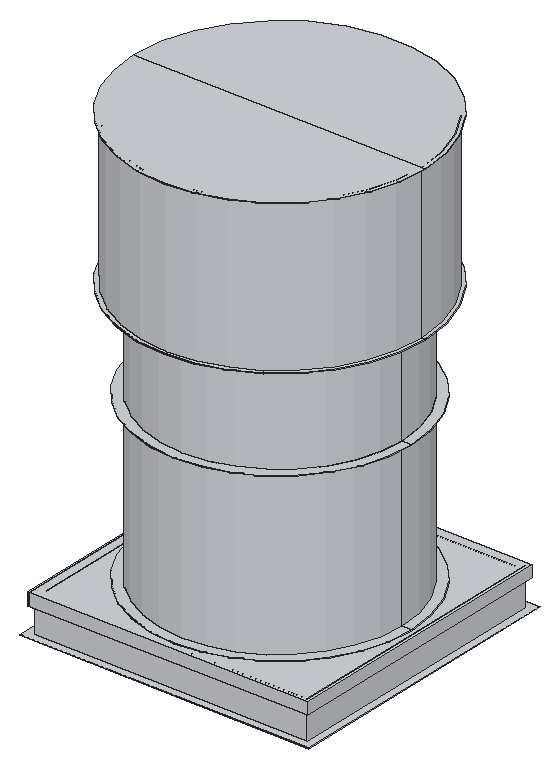
Revit family "AFDV-C_Roof_Exhauster", category Mechanical Equipment, Revit 2019
Family settings
  Round Connector Dimension = Use Diameter
  Part Type = Normal
  Work Plane-Based = No
  Always vertical = Yes
  Cut with Voids When Loaded = No
  Shared = No
  Room Calculation Point = No
Parameters (values of type "60_AFDV-C_ROOF_EXHAUSTER")
  VANE = 2' - 1"
  Unit Weight [instance] = ""
  UP_A_PLUS_VANE = UP_A + VANE  # 9' - 0 1/2"
  UP_A-E-3" = UP_A - E - 0' 3"  # 3' - 2 1/2"
  UP_A = 6' - 11 1/2"
  T_SQ = 5' - 10 1/4"
  RO/2 = RO / 2  # 2' - 8 7/8"
  RO = T_SQ - 0' 4 1/2"  # 5' - 5 3/4"
  ModelID [instance] = ""
  L/2 = L / 2  # 2' - 0 17/32"
  L = 4' - 1 1/16"
  K/2 = K / 2  # 0' - 0 7/32"
  K = 0' - 0 7/16"
  J/2 = J / 2  # 2' - 10 11/16"
  CURB_HEIGHT [instance] = 0' - 9 1/2"
  CURB [instance] = yes
  B/2*1.1 = B / 2 * 1.1  # 3' - 0.7125"
  Accessories [instance] = ""
  45 = 45.00°  # constant formula
  (T_SQ+.125")/2 = (T_SQ + 0' 0 1/4") / 2  # 2' - 11 1/4"
  (L-1")/2 = (L - 0' 1") / 2  # 2' - 0 1/32"
  (J+(J-A))/2 = (J + ((J - A) / 2)) / 2  # 3' - 0 11/16"
  J = 5' - 9 3/8"
  CENTER = 0' - 0"  # constant formula
  H-(A/2) = H - (A / 2)  # 2' - 0 1/16"
  H+J = H + CENTER  # 4' - 6 3/4"
  H = 4' - 6 3/4"
  Sones [instance] = ""
  Motor RPM [instance] = ""
  Motor Enclosure [instance] = ""
  LwA [instance] = ""
  G = 12' - 0"
  Fan RPM [instance] = ""
  F/2 = F / 2  # 0' - 1 1/2"
  F = 0' - 3"
  E/2 = E / 2  # 1' - 9"
  E-2" = E - 0' 2"  # 3' - 4"
  E = 3' - 6"
  C/2+J = C / 2 + CENTER  # 2' - 7 13/16"
  C/2 = C / 2  # 2' - 7 13/16"
  C = 5' - 3 5/8"
  B/2 = B / 2  # 2' - 9 3/8"
  B = 5' - 6 3/4"
  A/3 = A / 2.5  # 2' - 0.55"
  A/2 = A / 2  # 2' - 6 11/16"
  A = 5' - 1 3/8"
  60 = 60.00°  # constant formula
  30 = 30.00°  # constant formula
  3" = 0' - 3"  # constant formula
  Brake Hp [instance] = ""
  4" = 0' - 4"  # constant formula
  2' = 2' - 0"
  2" = 0' - 2"  # constant formula
  1" = 0' - 1"  # constant formula
  0 = 0' - 0"  # constant formula
  Voltage [instance] = 0 V
  URL = "www.lorencook.com"
  Type Comments = "Tube Axial Fan Roof Exhauster Direct Drive Arrangement 4"  # constant formula
  Static Pressure [instance] = 0.00 in-wg
  Power [instance] = Voltage * Motor FLA * sqrt(if(Phase = 3, 3, 1))  # 0 VA
  Phase [instance] = 0
  Number of Poles [instance] = 1
  Motor Hp [instance] = "0"
  Motor FLA [instance] = 0 A
  Model = "AFDV-C"  # constant formula
  Manufacturer = "Loren Cook Company"
  CFM [instance] = 0 CFM
  1.5 = 0' - 1 1/2"  # constant formula
  ONE EIGTH = 0' - 0 1/8"  # constant formula
  -E/2 = -E / 2  # -1' - 9"
  -(E-.25")/2 = -(E - 0' 0 1/4") / 2  # -1' - 8 7/8"
  (K/2)-((J-A-.25")/2) = (K / 2) - ((J - A - 0' 0 1/4") / 2)  # -0' - 3 21/32"
  (J-A-.25") = (J - A - 0' 0 1/4")  # 0' - 7 3/4"
  (H-(A/2))/2 = (H - (A / 2)) / 2  # 1' - 0 1/32"
  (E-.25")/2 = (E - 0' 0 1/4") / 2  # 1' - 8 7/8"
  (A+.25")/2 = (A + 0' 0 1/4") / 2  # 2' - 6 13/16"
Types (12): name | VANE | UP_A_PLUS_VANE | UP_A-E-3" | UP_A | T_SQ | RO/2 | RO | L/2 | L | K/2 | K | J/2 | B/2*1.1 | (T_SQ+.125")/2 | (L-1")/2 | (J+(J-A))/2 | J | H-(A/2) | H+J | H | G | F/2 | F | E/2 | E-2" | E | C/2+J | C/2 | C | B/2 | B | A/3 | A/2 | A | -E/2 | -(E-.25")/2 | (K/2)-((J-A-.25")/2) | (J-A-.25") | (H-(A/2))/2 | (E-.25")/2 | (A+.25")/2
  (no name) | 2' - 1" | 9' - 0 1/2" | 3' - 2 1/2" | 6' - 11 1/2" | 5' - 10 1/4" | 2' - 8 7/8" | 5' - 5 3/4" | 2' - 0 17/32" | 4' - 1 1/16" | 0' - 0 7/32" | 0' - 0 7/16" | 2' - 10 11/16" | 3' - 0.7125" | 2' - 11 1/4" | 2' - 0 1/32" | 3' - 0 11/16" | 5' - 9 3/8" | 2' - 0 1/16" | 4' - 6 3/4" | 4' - 6 3/4" | 12' - 0" | 0' - 1 1/2" | 0' - 3" | 1' - 9" | 3' - 4" | 3' - 6" | 2' - 7 13/16" | 2' - 7 13/16" | 5' - 3 5/8" | 2' - 9 3/8" | 5' - 6 3/4" | 2' - 0.55" | 2' - 6 11/16" | 5' - 1 3/8" | -1' - 9" | -1' - 8 7/8" | -0' - 3 21/32" | 0' - 7 3/4" | 1' - 0 1/32" | 1' - 8 7/8" | 2' - 6 13/16"
  12_AFDV-C_ROOF_EXHAUSTER | 0' - 6" | 3' - 6" | 0' - 11" | 3' - 0" | 1' - 10" | 0' - 8 3/4" | 1' - 5 1/2" | 0' - 6 3/8" | 1' - 0 3/4" | 0' - 0 3/16" | 0' - 0 3/8" | 0' - 9 1/32" | 0' - 8 19/32" | 0' - 11 1/8" | 0' - 5 7/8" | 0' - 10 21/64" | 1' - 6 1/16" | 1' - 6 3/16" | 2' - 0 5/8" | 2' - 0 5/8" | 6' - 0" | 0' - 0 5/32" | 0' - 0 5/16" | 0' - 11" | 1' - 8" | 1' - 10" | 0' - 7 5/16" | 0' - 7 5/16" | 1' - 2 5/8" | 0' - 7 13/16" | 1' - 3 5/8" | 0' - 5.15" | 0' - 6 7/16" | 1' - 0 7/8" | -0' - 11" | -0' - 10 7/8" | -0' - 2 9/32" | 0' - 4 15/16" | 0' - 9 3/32" | 0' - 10 7/8" | 0' - 6 9/16"
  16_AFDV-C_ROOF_EXHAUSTER | 0' - 10" | 4' - 1" | 0' - 11" | 3' - 3" | 2' - 2" | 0' - 10 3/4" | 1' - 9 1/2" | 0' - 7 13/16" | 1' - 3 5/8" | 0' - 0 3/16" | 0' - 0 3/8" | 0' - 11 1/32" | 0' - 10.79375" | 1' - 1 1/8" | 0' - 7 5/16" | 1' - 0 21/64" | 1' - 10 1/16" | 1' - 9 11/16" | 2' - 6 1/8" | 2' - 6 1/8" | 6' - 0" | 0' - 0 5/32" | 0' - 0 5/16" | 1' - 0 1/2" | 1' - 11" | 2' - 1" | 0' - 9 5/16" | 0' - 9 5/16" | 1' - 6 5/8" | 0' - 9 13/16" | 1' - 7 5/8" | 0' - 6 3/4" | 0' - 8 7/16" | 1' - 4 7/8" | -1' - 0 1/2" | -1' - 0 3/8" | -0' - 2 9/32" | 0' - 4 15/16" | 0' - 10 27/32" | 1' - 0 3/8" | 0' - 8 9/16"
  18_AFDV-C_ROOF_EXHAUSTER | 0' - 11" | 4' - 10" | 1' - 7" | 3' - 11" | 2' - 4" | 0' - 11 3/4" | 1' - 11 1/2" | 0' - 8 1/2" | 1' - 5" | 0' - 0 3/16" | 0' - 0 3/8" | 1' - 0 1/32" | 0' - 11.89375" | 1' - 2 1/8" | 0' - 8" | 1' - 1 21/64" | 2' - 0 1/16" | 1' - 9 11/16" | 2' - 7 1/8" | 2' - 7 1/8" | 6' - 0" | 0' - 0 5/32" | 0' - 0 5/16" | 1' - 0 1/2" | 1' - 11" | 2' - 1" | 0' - 10 5/16" | 0' - 10 5/16" | 1' - 8 5/8" | 0' - 10 13/16" | 1' - 9 5/8" | 0' - 7.55" | 0' - 9 7/16" | 1' - 6 7/8" | -1' - 0 1/2" | -1' - 0 3/8" | -0' - 2 9/32" | 0' - 4 15/16" | 0' - 10 27/32" | 1' - 0 3/8" | 0' - 9 9/16"
  24_AFDV-C_ROOF_EXHAUSTER | 1' - 1" | 5' - 7" | 1' - 8" | 4' - 6" | 3' - 0" | 1' - 3 3/4" | 2' - 7 1/2" | 0' - 10 7/8" | 1' - 9 3/4" | 0' - 0 3/16" | 0' - 0 3/8" | 1' - 3 13/32" | 1' - 4.01875" | 1' - 6 1/8" | 0' - 10 3/8" | 1' - 4 57/64" | 2' - 6 13/16" | 2' - 3 7/16" | 3' - 3 7/8" | 3' - 3 7/8" | 6' - 0" | 0' - 0 7/32" | 0' - 0 7/16" | 1' - 3 1/2" | 2' - 5" | 2' - 7" | 1' - 1 7/16" | 1' - 1 7/16" | 2' - 2 7/8" | 1' - 2 9/16" | 2' - 5 1/8" | 0' - 9.95" | 1' - 0 7/16" | 2' - 0 7/8" | -1' - 3 1/2" | -1' - 3 3/8" | -0' - 2 21/32" | 0' - 5 11/16" | 1' - 1 23/32" | 1' - 3 3/8" | 1' - 0 9/16"
  28_AFDV-C_ROOF_EXHAUSTER | 1' - 1" | 5' - 7" | 1' - 8" | 4' - 6" | 3' - 6" | 1' - 6 3/4" | 3' - 1 1/2" | 1' - 0 5/16" | 2' - 0 5/8" | 0' - 0 3/16" | 0' - 0 3/8" | 1' - 5 13/32" | 1' - 6 7/32" | 1' - 9 1/8" | 0' - 11 13/16" | 1' - 6 57/64" | 2' - 10 13/16" | 2' - 3 7/16" | 3' - 5 7/8" | 3' - 5 7/8" | 6' - 0" | 0' - 0 7/32" | 0' - 0 7/16" | 1' - 3 1/2" | 2' - 5" | 2' - 7" | 1' - 3 7/16" | 1' - 3 7/16" | 2' - 6 7/8" | 1' - 4 9/16" | 2' - 9 1/8" | 0' - 11.55" | 1' - 2 7/16" | 2' - 4 7/8" | -1' - 3 1/2" | -1' - 3 3/8" | -0' - 2 21/32" | 0' - 5 11/16" | 1' - 1 23/32" | 1' - 3 3/8" | 1' - 2 9/16"
  32_AFDV-C_ROOF_EXHAUSTER | 1' - 3" | 6' - 6" | 2' - 2" | 5' - 3" | 3' - 6" | 1' - 6 3/4" | 3' - 1 1/2" | 1' - 2 1/8" | 2' - 4 1/4" | 0' - 0 7/32" | 0' - 0 7/16" | 1' - 7 31/32" | 1' - 8.4875" | 1' - 9 1/8" | 1' - 1 5/8" | 1' - 9 45/64" | 3' - 3 15/16" | 2' - 4 3/4" | 3' - 9 1/4" | 3' - 9 1/4" | 6' - 0" | 0' - 0 7/32" | 0' - 0 7/16" | 1' - 5" | 2' - 8" | 2' - 10" | 1' - 5 1/2" | 1' - 5 1/2" | 2' - 11" | 1' - 6 5/8" | 3' - 1 1/4" | 1' - 1.2" | 1' - 4 1/2" | 2' - 9" | -1' - 5" | -1' - 4 7/8" | -0' - 3 1/8" | 0' - 6 11/16" | 1' - 2 3/8" | 1' - 4 7/8" | 1' - 4 5/8"
  36_AFDV-C_ROOF_EXHAUSTER | 1' - 4" | 6' - 7" | 2' - 2" | 5' - 3" | 4' - 0" | 1' - 9 3/4" | 3' - 7 1/2" | 1' - 3 17/32" | 2' - 7 1/16" | 0' - 0 7/32" | 0' - 0 7/16" | 1' - 9 31/32" | 1' - 10.75625" | 2' - 0 1/8" | 1' - 3 1/32" | 1' - 11 45/64" | 3' - 7 15/16" | 2' - 4 3/4" | 3' - 11 1/4" | 3' - 11 1/4" | 6' - 0" | 0' - 0 7/32" | 0' - 0 7/16" | 1' - 5" | 2' - 8" | 2' - 10" | 1' - 7 1/2" | 1' - 7 1/2" | 3' - 3" | 1' - 8 11/16" | 3' - 5 3/8" | 1' - 2.8" | 1' - 6 1/2" | 3' - 1" | -1' - 5" | -1' - 4 7/8" | -0' - 3 1/8" | 0' - 6 11/16" | 1' - 2 3/8" | 1' - 4 7/8" | 1' - 6 5/8"
  44_AFDV-C_ROOF_EXHAUSTER | 1' - 7" | 8' - 6" | 3' - 2" | 6' - 11" | 4' - 6" | 2' - 0 3/4" | 4' - 1 1/2" | 1' - 6 3/8" | 3' - 0 3/4" | 0' - 0 7/32" | 0' - 0 7/16" | 2' - 2" | 2' - 3 5/32" | 2' - 3 1/8" | 1' - 5 7/8" | 2' - 3 3/4" | 4' - 4" | 3' - 0 1/4" | 4' - 10 3/4" | 4' - 10 3/4" | 12' - 0" | 0' - 0 7/32" | 0' - 0 7/16" | 1' - 9" | 3' - 4" | 3' - 6" | 1' - 11 3/4" | 1' - 11 3/4" | 3' - 11 1/2" | 2' - 0 11/16" | 4' - 1 3/8" | 1' - 6" | 1' - 10 1/2" | 3' - 9" | -1' - 9" | -1' - 8 7/8" | -0' - 3 5/32" | 0' - 6 3/4" | 1' - 6 1/8" | 1' - 8 7/8" | 1' - 10 5/8"
  48_AFDV-C_ROOF_EXHAUSTER | 1' - 10" | 8' - 9 1/2" | 3' - 2 1/2" | 6' - 11 1/2" | 4' - 10 1/4" | 2' - 2 7/8" | 4' - 5 3/4" | 1' - 8 3/16" | 3' - 4 3/8" | 0' - 0 7/32" | 0' - 0 7/16" | 2' - 4 9/16" | 2' - 5.425" | 2' - 5 1/4" | 1' - 7 11/16" | 2' - 6 9/16" | 4' - 9 1/8" | 3' - 0 3/16" | 5' - 0 3/4" | 5' - 0 3/4" | 12' - 0" | 0' - 0 7/32" | 0' - 0 7/16" | 1' - 9" | 3' - 4" | 3' - 6" | 2' - 1 13/16" | 2' - 1 13/16" | 4' - 3 5/8" | 2' - 2 3/4" | 4' - 5 1/2" | 1' - 7.65" | 2' - 0 9/16" | 4' - 1 1/8" | -1' - 9" | -1' - 8 7/8" | -0' - 3 21/32" | 0' - 7 3/4" | 1' - 6 3/32" | 1' - 8 7/8" | 2' - 0 11/16"
  54_AFDV-C_ROOF_EXHAUSTER | 1' - 11" | 8' - 10 1/2" | 3' - 2 1/2" | 6' - 11 1/2" | 5' - 4 1/4" | 2' - 5 7/8" | 4' - 11 3/4" | 1' - 10 1/2" | 3' - 9" | 0' - 0 7/32" | 0' - 0 7/16" | 2' - 7 13/16" | 2' - 9.4125" | 2' - 8 1/4" | 1' - 10" | 2' - 9 7/8" | 5' - 3 5/8" | 2' - 0 1/16" | 4' - 3 3/4" | 4' - 3 3/4" | 12' - 0" | 0' - 0 7/32" | 0' - 0 7/16" | 1' - 9" | 3' - 4" | 3' - 6" | 2' - 4 13/16" | 2' - 4 13/16" | 4' - 9 5/8" | 2' - 6 3/8" | 5' - 0 3/4" | 1' - 10.15" | 2' - 3 11/16" | 4' - 7 3/8" | -1' - 9" | -1' - 8 7/8" | -0' - 3 25/32" | 0' - 8" | 1' - 0 1/32" | 1' - 8 7/8" | 2' - 3 13/16"
  60_AFDV-C_ROOF_EXHAUSTER | 2' - 1" | 9' - 0 1/2" | 3' - 2 1/2" | 6' - 11 1/2" | 5' - 10 1/4" | 2' - 8 7/8" | 5' - 5 3/4" | 2' - 0 17/32" | 4' - 1 1/16" | 0' - 0 7/32" | 0' - 0 7/16" | 2' - 10 11/16" | 3' - 0.7125" | 2' - 11 1/4" | 2' - 0 1/32" | 3' - 0 11/16" | 5' - 9 3/8" | 2' - 0 1/16" | 4' - 6 3/4" | 4' - 6 3/4" | 12' - 0" | 0' - 1 1/2" | 0' - 3" | 1' - 9" | 3' - 4" | 3' - 6" | 2' - 7 13/16" | 2' - 7 13/16" | 5' - 3 5/8" | 2' - 9 3/8" | 5' - 6 3/4" | 2' - 0.55" | 2' - 6 11/16" | 5' - 1 3/8" | -1' - 9" | -1' - 8 7/8" | -0' - 3 21/32" | 0' - 7 3/4" | 1' - 0 1/32" | 1' - 8 7/8" | 2' - 6 13/16"
Reference planes (in)
  plane 1 "Center (Front/Back)": y = 0
  plane 2: z = 0
  plane 3 "Center (Left/Right)": x = 0.40541
Forms (in)
  Revolve 1, solid
    sketch origin (0, 0, 0) x (1, 0, 0) y (0, 0, 1)
      loop
        line (0.40541, 3) -> (33.78041, 3) -> (33.78041, 3.125) -> (31.21791, 3.125) -> (31.21791, 44.875) -> (33.78041, 44.875) -> (33.78041, 45) -> (0.40541, 45) -> (0.40541, 3)
      axis (0.40541, 3) -> (0.40541, 45)
    angle from 0 to 360
  Extrusion 2, void
    sketch origin (0, 0, 0) x (1, 0, 0) y (0, 1, 0)
      loop
        circle (0.40541, 0) r 0.125
    from -21 <- "-E/2" to 21 <- "E/2"
  Extrusion 3, solid
    sketch origin (0, 0, 0) x (1, 0, 0) y (0, 1, 0)
      loop
        line (-34.84459, 35.25) -> (-34.84459, -35.25) -> (35.65541, -35.25) -> (35.65541, 35.25) -> (-34.84459, 35.25)
    from 0 to 3
  Extrusion 4, void
    sketch origin (0, 0, 0) x (1, 0, 0) y (0, 1, 0)
      loop
        line (-34.71959, 35.125) -> (-34.71959, -35.125) -> (35.53041, -35.125) -> (35.53041, 35.125) -> (-34.71959, 35.125)
    from 0 to 2.875
  Revolve 5, solid
    sketch origin (0, 0, 0) x (1, 0, 0) y (0, 0, 1)
      loop
        line (0.40541, 69.875) -> (37.11791, 69.875) -> (37.11791, 70) -> (36.11791, 70) -> (36.11791, 108.375) -> (37.11791, 108.375) -> (37.11791, 108.5) -> (0.40541, 108.5) -> (0.40541, 69.875)
      axis (0.40541, 108.5) -> (0.40541, 69.875)
    angle from 0 to 360
  Extrusion 6, solid, visible <- "CURB"
    sketch origin (0, 0, 2.875) x (0, 1, 0) y (1, 0, 0)
      loop
        line (32.875, -32.46959) -> (32.875, 33.28041) -> (-32.875, 33.28041) -> (-32.875, -32.46959) -> (32.875, -32.46959)
      loop
        line (-34.375, 34.78041) -> (-34.375, -33.96959) -> (34.375, -33.96959) -> (34.375, 34.78041) -> (-34.375, 34.78041)
    from 0 to 9.5 <- "CURB_HEIGHT"
  Extrusion 7, solid, visible <- "CURB"
    sketch origin (0, 0, -6.625) x (-1, 0, 0) y (0, 1, 0)
      loop
        line (33.96959, -34.375) -> (33.96959, 34.375) -> (-34.78041, 34.375) -> (-34.78041, -34.375) -> (33.96959, -34.375)
      loop
        line (-36.78041, 36.375) -> (-36.78041, -36.375) -> (35.96959, -36.375) -> (35.96959, 36.375) -> (-36.78041, 36.375)
    from 0 to -0.125
  Revolve 8, solid
    sketch origin (0, 0, 0) x (1, 0, 0) y (0, 0, 1)
      loop
        line (-32.96959, 69.875) -> (-32.96959, 69.75) -> (-30.40709, 69.75) -> (-30.40709, 45) -> (-32.96959, 45) -> (-32.96959, 44.875) -> (-30.28209, 44.875) -> (-30.28209, 69.875) -> (-32.96959, 69.875)
      axis (0.40541, 44.875) -> (0.40541, 69.875)
    angle from 0 to 360
Cuts and joins
  Extrusion 2 cuts Revolve 1
  Extrusion 4 cuts Extrusion 3
Dimensions and locks (in)
  "0": Revolve 1 sketch curve to plane 3 "Center (Left/Right)"  (x2)
  "(A+.25")/2": Revolve 1 sketch curve to plane 3 "Center (Left/Right)"
  "B/2": Revolve 1 sketch curve to plane 3 "Center (Left/Right)"  (x2)
  "ONE EIGTH": Revolve 1 sketch curve to Revolve 1 sketch curve  (x2)
  "E": Revolve 1 sketch curve to Revolve 1 sketch curve
  "3"": Revolve 1 sketch curve to level
  "0": Extrusion 2 sketch curve to plane 3 "Center (Left/Right)"
  "0": plane 1 "Center (Front/Back)" to Extrusion 2 sketch curve
  "(T_SQ+.125")/2": Extrusion 3 sketch curve to plane 3 "Center (Left/Right)"
  "(T_SQ+.125")/2": plane 3 "Center (Left/Right)" to Extrusion 3 sketch curve
  "(T_SQ+.125")/2": plane 1 "Center (Front/Back)" to Extrusion 3 sketch curve
  "(T_SQ+.125")/2": Extrusion 3 sketch curve to plane 1 "Center (Front/Back)"
  "ONE EIGTH": Extrusion 4 sketch curve to Extrusion 3  (x3)
  "ONE EIGTH": Extrusion 3 to Extrusion 4 sketch curve
  "UP_A_PLUS_VANE": Revolve 5 sketch curve to level
  "VANE": Revolve 5 sketch curve to cut or joined group of Revolve 1, Extrusion 2
  "0": Revolve 5 sketch curve to plane 3 "Center (Left/Right)"  (x2)
  "B/2*1.1": Revolve 5 sketch curve to plane 3 "Center (Left/Right)"  (x2)
  "ONE EIGTH": Revolve 5 sketch curve to Revolve 5 sketch curve  (x2)
  "1"": Revolve 5 sketch curve to Revolve 5 sketch curve  (x2)
  "1.5": Extrusion 6 sketch curve to Extrusion 6 sketch curve  (x4)
  "RO/2": Extrusion 6 sketch curve to plane 3 "Center (Left/Right)"
  "RO/2": plane 3 "Center (Left/Right)" to Extrusion 6 sketch curve
  "RO/2": plane 1 "Center (Front/Back)" to Extrusion 6 sketch curve
  "RO/2": Extrusion 6 sketch curve to plane 1 "Center (Front/Back)"
  "2"": Extrusion 7 sketch curve to Extrusion 7 sketch curve  (x4)
  "0": Extrusion 7 sketch curve to Extrusion 6  (x3)
  "0": Extrusion 6 to Extrusion 7 sketch curve
  "0": Revolve 8 sketch curve to plane 3 "Center (Left/Right)"
  "(A+.25")/2": plane 3 "Center (Left/Right)" to Revolve 8 sketch curve
  "B/2": plane 3 "Center (Left/Right)" to Revolve 8 sketch curve  (x2)
  "0": Revolve 8 sketch curve to cut or joined group of Revolve 1, Extrusion 2
  "0": Revolve 5 to Revolve 8 sketch curve
  "ONE EIGTH": Revolve 8 sketch curve to Revolve 8 sketch curve  (x3)
  "ONE EIGTH": radius of Extrusion 2 sketch curve
Automatic sketch dimensions
  Revolve 1 sketch curve to Revolve 1 sketch curve = 0' - 0"
  Revolve 1 sketch curve to Revolve 1 sketch curve = 1' - 6"
  Revolve 5 sketch curve to Revolve 5 sketch curve = 0' - 6"
  Revolve 5 sketch curve to Revolve 5 sketch curve = 1' - 4"
  Revolve 8 sketch curve to Revolve 8 sketch curve = 1' - 1"
  Revolve 8 sketch curve to Revolve 8 sketch curve = 1' - 5"
Connectors (in)
  electrical at (0.40541, 0, 0)
    settings: on cut or joined group of Extrusion 3, Extrusion 4, index 4, voltage 0 V, apparent load 0 VA, apparent load phase1 0 VA, apparent load phase2 0 VA, apparent load phase3 0 VA, power factor 1, load classification "Other", number of poles 1, system type 30, power factor state 1, is connector primary yes, connector utility no, sub classification motor no, connector description ""
  hvac at (0.40541, 0, 2.875), driven by "CFM", driven by "RO", driven by "RO"
    settings: on cut or joined group of Extrusion 3, Extrusion 4, index 5, duct flow 0 CFM, flow factor 0, pres drop 0.00 in-wg, loss coef 0, conn angle 0.00°, conn width 65 3/4", conn height 65 3/4", conn diameter 24", duct sys type 3, conn prof type 1, flow config 0, flow direction 1, loss method 0, conn ref index -1, conn util no, is conn primary yes, conn desc ""
